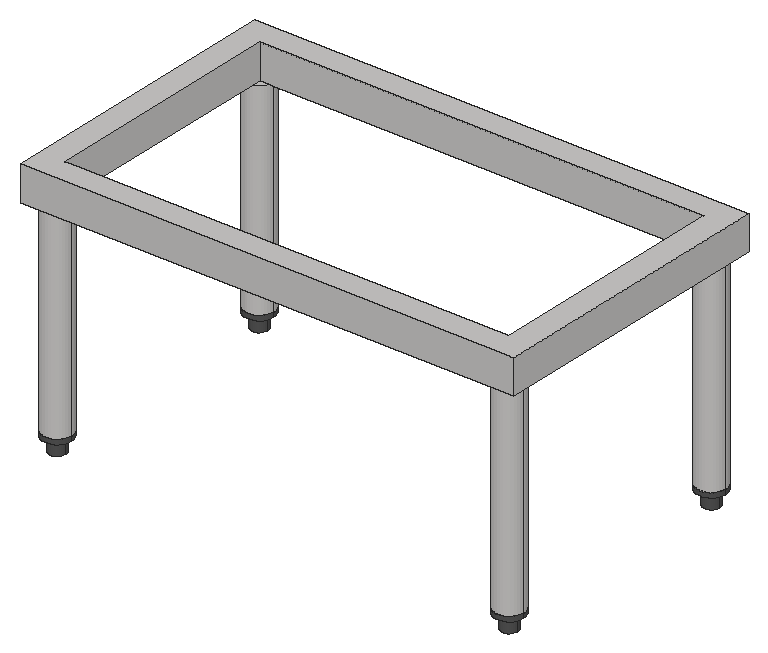
Revit family "QF_CAPIC_CELTIC_W383013", category Equipement spécialisé, Revit 2018
Family settings
  Cote de connecteur circulaire = Utiliser le diamètre
  Type d'élément = Normal
  Numéro OmniClass = 23.40.40.14
  Titre OmniClass = Food Service Equipment
  Basée sur le plan de construction = Non
  Toujours verticalement = Oui
  Couper avec des vides une fois chargée = Non
  Partagée = Non
  Point de calcul de pièce = Non
Parameters (values of type "L=1200mm")
  URL catalogue = "http://www.capic-fr.com/fr/"
  Type de Raccord Plomberie [instance] = ""
  Type de Raccord Electrique [instance] = ""
  Type de Gaz = ""
  Type article [instance] = ""
  Tension = 0 V
  Spécification du Fabricant = ""
  Show Logo = yes
  Remarques evacuation [instance] = ""
  Remarques Plomberie [instance] = ""
  Remarques Electricité [instance] = ""
  Puissance électrique  = 0 W
  Puissance Gaz kW = 0
  Profondeur hors tout = 715 mm
  Pression Maximum Eau Adoucie = 0.0 Pa
  Poids net à vide = 80.00 kg
  Phase = 0
  Modèle = "W383013"
  Longueur hors tout = 1200 mm
  Intensité nominale = 0 A
  Hauteur hors tout = 630 mm
  Hauteur de Raccordement du Sol Finis = 0 mm
  Hauteur de Raccordement Gaz du Sol Finis = 0 mm
  Hauteur de Raccordement Evacuation Directe du Sol Finis = 0 mm
  Hauteur de Raccordement Eau Froide du Sol Finis = 0 mm
  Hauteur de Raccordement Eau Chaude du Sol Finis = 0 mm
  Hauteur de Raccordement Eau Adoucie du Sol Finis = 0 mm
  Fréquence = 0 Hz
  Fabricant = "CAPIC"
  Débit d'air d'extraction = 0.0 m³/h
  Débit Gaz = 0.0 L/s
  Débit Eau Froide = 0.0 L/s
  Débit Eau Chaude = 0.0 L/s
  Débit Eau Adoucie = 0.0 L/s
  Diamètre de Raccordement Gaz = 0 mm
  Diamètre de Raccordement Evacuation = 0 mm
  Diamètre de Raccordement Eau Froide = 0 mm
  Diamètre de Raccordement Eau Chaude = 0 mm
  Diamètre de Raccordement Eau Adoucie = 0 mm
  Description = "Pietement tubes ronds"
  Assembly Code = ""
  Classification  Omniclass nombre et titre = "23.40.40.14"
Reference planes
  plane 1 "Centre (avant/arrière)": y = 0
  plane 2: z = 0
  plane 3 "Centre (gauche/droite)": x = 0
  plane 4 "Centre G/E": y = 0
  plane 5: y = -838
  plane 6: z = 630
  plane 7: y = -123
  plane 8: x = 1200
  plane 9: z = 546
  plane 10: y = -173
  plane 11: y = -788
  plane 12: x = 50
  plane 13: x = 1150
  plane 14: z = 46
Forms (mm)
  Extrusion 1, solid, material "QF_Stainless Steel-Brushed"
    sketch origin (4267.2, -1071.386, 630) x (0, -1, 0) y (1, 0, 0)
      loop
        line (-948.386, -4267.2) -> (-233.386, -4267.2) -> (-233.386, -3067.2) -> (-948.386, -3067.2) -> (-948.386, -4267.2)
      loop
        line (-888.386, -3127.2) -> (-888.386, -4207.2) -> (-293.386, -4207.2) -> (-293.386, -3127.2) -> (-888.386, -3127.2)
    from 0 to -84
  Extrusion 2, solid, material "QF_Stainless Steel-Brushed"
    sketch origin (0, 0, 0) x (1, 0, 0) y (0, 1, 0)
      loop
        circle (50, -173) r 35
    from 46 to 546
  Revolve 3, solid, material "QF_Plastic-Black"
    sketch origin (-199.347, -173, 4000) x (-1, 0, 0) y (0, 0, 1)
      loop
        line (-284.347, -3954) -> (-284.347, -3966) -> (-269.347, -3966) -> (-269.347, -4000) -> (-249.347, -4000) -> (-249.347, -3954) -> (-284.347, -3954)
      axis (-249.347, -4000) -> (-249.347, -3954)
    angle from 0 to 360
  Extrusion 4, solid, material "QF_Stainless Steel-Brushed"
    sketch origin (220, 0, 0) x (1, 0, 0) y (0, 1, 0)
      loop
        circle (930, -173) r 35
    from 46 to 546
  Revolve 5, solid, material "QF_Plastic-Black"
    sketch origin (160.653, -173, 4000) x (-1, 0, 0) y (0, 0, 1)
      loop
        line (-1024.347, -3954) -> (-1024.347, -3966) -> (-1009.347, -3966) -> (-1009.347, -4000) -> (-989.347, -4000) -> (-989.347, -3954) -> (-1024.347, -3954)
      axis (-989.347, -4000) -> (-989.347, -3954)
    angle from 0 to 360
  Extrusion 6, solid, material "QF_Stainless Steel-Brushed"
    sketch origin (0, -615, 0) x (1, 0, 0) y (0, 1, 0)
      loop
        circle (50, -173) r 35
    from 46 to 546
  Revolve 7, solid, material "QF_Plastic-Black"
    sketch origin (-133.843, -788, 4000) x (-1, 0, 0) y (0, 0, 1)
      loop
        line (-218.843, -3954) -> (-218.843, -3966) -> (-203.843, -3966) -> (-203.843, -4000) -> (-183.843, -4000) -> (-183.843, -3954) -> (-218.843, -3954)
      axis (-183.843, -4000) -> (-183.843, -3954)
    angle from 0 to 360
  Extrusion 8, solid, material "QF_Stainless Steel-Brushed"
    sketch origin (230, -615, 0) x (1, 0, 0) y (0, 1, 0)
      loop
        circle (920, -173) r 35
    from 46 to 546
  Revolve 9, solid, material "QF_Plastic-Black"
    sketch origin (-133.843, -788, 4000) x (-1, 0, 0) y (0, 0, 1)
      loop
        line (-1318.843, -3954) -> (-1318.843, -3966) -> (-1303.843, -3966) -> (-1303.843, -4000) -> (-1283.843, -4000) -> (-1283.843, -3954) -> (-1318.843, -3954)
      axis (-1283.843, -4000) -> (-1283.843, -3954)
    angle from 0 to 360
Dimensions and locks
  locked: plane 7 to Extrusion 1 sketch curve at 60
  locked: Extrusion 1 sketch curve to plane 5 at 60
  locked: plane 3 "Centre (gauche/droite)" to Extrusion 1 sketch curve at 60
  locked: Extrusion 1 sketch curve to plane 8 at 60
  "Longueur hors tout": plane 3 "Centre (gauche/droite)" to plane 8
  "Hauteur hors tout": plane 6 to level
  locked: plane 6 to plane 9 at 84
  locked: plane 7 to plane 10 at 50
  locked: plane 11 to plane 5 at 50
  locked: plane 3 "Centre (gauche/droite)" to plane 12 at 50
  locked: plane 13 to plane 8 at 50
  locked: plane 9 to plane 14 at 500
  locked: Revolve 3 sketch curve to plane 12 at 35
  locked: plane 14 to Revolve 3 sketch curve at 12
  locked: Revolve 3 sketch curve to plane 12 at 20
  Revolve 5 sketch curve to Revolve 5 sketch curve to plane 13 = 15 mm locked, 20 mm locked
  "Profondeur hors tout": plane 7 to plane 5
  locked: plane 14 to Revolve 5 sketch curve at 12
  locked: Revolve 7 sketch curve to plane 12 at 20
  locked: Revolve 7 sketch curve to plane 12 at 35
  locked: Revolve 3 to plane 14 at 12
  locked: plane 14 to Revolve 5 at 12
  locked: Revolve 9 sketch curve to plane 13 at 20
  locked: Revolve 9 sketch curve to plane 13 at 35
  aligned and locked: level to plane 2
  aligned and locked: Extrusion 1 sketch curve to plane 7
  aligned and locked: plane 3 "Centre (gauche/droite)" to Extrusion 1 sketch curve
  aligned and locked: plane 5 to Extrusion 1 sketch curve
  aligned and locked: Extrusion 1 sketch curve to plane 8
  aligned and locked: Extrusion 1 to plane 9
  aligned and locked: plane 6 to Extrusion 1
  aligned and locked: plane 9 to Extrusion 2
  aligned and locked: Extrusion 2 to plane 14
  aligned and locked: plane 12 to Extrusion 2 sketch curve
  aligned and locked: plane 10 to Extrusion 2 sketch curve
  aligned and locked: level to Revolve 3 sketch curve
  aligned and locked: plane 12 to Revolve 3 sketch curve
  aligned and locked: Revolve 3 sketch curve to plane 14
  aligned and locked: plane 13 to Extrusion 4 sketch curve
  aligned and locked: Extrusion 4 sketch curve to plane 10
  aligned and locked: plane 13 to Revolve 5 sketch curve  (x2)
  aligned and locked: level to Revolve 5 sketch curve
  aligned and locked: plane 14 to Revolve 5 sketch curve
  aligned and locked: plane 12 to Extrusion 6 sketch curve
  aligned and locked: plane 11 to Extrusion 6 sketch curve
  aligned and locked: plane 9 to Extrusion 6
  aligned and locked: Extrusion 6 to plane 14
  aligned and locked: plane 14 to Revolve 7 sketch curve
  aligned and locked: Revolve 7 sketch curve to level
  aligned and locked: plane 9 to Extrusion 4
  aligned and locked: Extrusion 4 to plane 14
  aligned and locked: plane 13 to Extrusion 8 sketch curve
  aligned and locked: plane 11 to Extrusion 8 sketch curve
  aligned and locked: Revolve 3 to plane 14
  aligned and locked: Extrusion 8 to Extrusion 1
  aligned and locked: plane 14 to Revolve 9 sketch curve
  aligned and locked: level to Revolve 9 sketch curve
  aligned and locked: plane 14 to Extrusion 8
Automatic sketch dimensions
  Revolve 3 sketch curve to plane 12 = 0 mm
  Revolve 3 sketch curve to level = 0 mm
  Revolve 3 sketch curve to plane 14 = 0 mm
  Revolve 5 sketch curve to level = 0 mm
  Revolve 5 sketch curve to plane 14 = 0 mm
  Revolve 9 sketch curve to plane 13 = 0 mm  (x2)
  Revolve 9 sketch curve to plane 14 = 12 mm
  Revolve 9 sketch curve to level = 88.15 mm
  Revolve 9 sketch curve to Revolve 9 sketch curve = 37 mm
  Revolve 7 sketch curve to plane 12 = 0 mm  (x2)
  Revolve 7 sketch curve to plane 14 = 12 mm
  Revolve 7 sketch curve to level = 25 mm
  Revolve 7 sketch curve to Revolve 7 sketch curve = 12 mm
  radius of Extrusion 2 sketch curve = 35 mm
  radius of Extrusion 4 sketch curve = 35 mm
  radius of Extrusion 6 sketch curve = 35 mm
  radius of Extrusion 8 sketch curve = 35 mm
